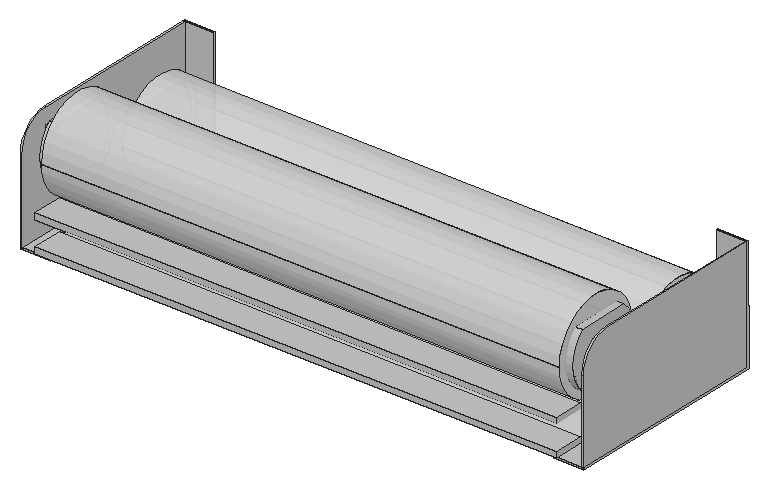
Revit family "Roller_Shades-Lutron-Dual_Wall_Mount-Roller_64", category Specialty Equipment, host Face, Revit 2017
Family settings
  Host = Face
  Round Connector Dimension = Use Diameter
  Part Type = Normal
  OmniClass Number = 23.30.60.14.21
  OmniClass Title = Shades
  Cut with Voids When Loaded = No
  Shared = No
  Room Calculation Point = No
Parameters (values of type "Roller 64 - Wall Mount")
  Warranty URL = "http://www.lutron.com/en-US/Service-Support/Pages/Service/Warranty/Warranty.aspx"
  Video Link = "https://www.youtube.com/user/LutronElectronicsInc"
  Version = "2017 - v1.0b"  # constant formula
  URL = "http://www.lutron.com"
  Type Comments = ""
  Support Phone = "(224) 699-9545"  # constant formula
  Support Email = "mailto: support@anguleris.com"
  Shade Width [instance] = 1' - 6"
  Shade Size Available [instance] = if(Actual Shade Height < Shade Height, "No, height exceeds 5:1 ratio limit, use larger roller", if(Shade Area < Maximum Shade Area, "Yes", "Shade Size Unavailable"))  # "Yes"
  Shade Material = Fabric - Lutron - Linen - White
  Shade Height [instance] = 0' - 7"
  Shade Area [instance] = Shade Width * Actual Shade Height  # 0.875 SF
  Series = "Sivoia QS"
  Right Drive [instance] = no
  Product Page URL = "http://www.lutron.com/en-US/Products/Pages/ShadingSystems/SivoiaQS/WindowTreatments/RollerShades/RollerShades.aspx"
  Product Name = "Roller 64 - Dual Motorized Roller Shades - Wall Mount"
  Product Documentation Link = "http://www.lutron.com/TechnicalDocumentLibrary/086102%20a.pdf"
  Pocket Mount Enclosure = Overall Depth = 0' 6"  # no
  Pocket Mount Bracket Offset = if(Overall Depth = 0' 6", 0' 0 33/256", 0' 0")  # 0' - 0"
  Performance URL = "http://www.lutron.com/en-US/Service-Support/Pages/Technical/PerfomanceSpecs.aspx"
  Overall Width [instance] = if(Shade Width < 1' 6 1/2", 1' 6 1/2", if(Shade Width > 8' 0", 8' 0", Shade Width))  # 1' - 6 1/2"
  Overall Height [instance] = if([3D Shade Height Visibility], Shade Height, 0' 7")  # 0' - 7"
  Overall Depth = 0' - 4 17/64"
  No Pocket = not(Pocket Mount Enclosure)  # yes
  Mounting = "Wall"
  Model = "Roller 64"
  Maximum Shade Area = 64.00 SF  # constant formula
  Manufacturer Phone Number = "610-282-3800"  # constant formula
  Manufacturer Fax Number = "610-282-1243"  # constant formula
  Manufacturer Email = "mailto:support@lutron.com"
  Manufacturer Address = "7200 Suter Rd, Coopersburg, PA 18036"  # constant formula
  Manufacturer = "Lutron Electronics Co., Inc"  # constant formula
  Lineal Requirements [instance] = ""
  Left Drive [instance] = no
  Keynote = ""
  Instruction Sheet Link = "http://www.lutron.com/TechnicalDocumentLibrary/045-184%20R64%20Dual%20Chassis%2011X17%2004_02.pdf"
  Fabric Roll Detail = "Standard"
  Fabric Options [instance] = ""
  Fabric Collection [instance] = ""
  Description = "Dual Motorized Roller Shades"
  Default Elevation = 0' - 0"
  Cost Info = "mailto:sales@lutron.com"
  Cost = 0
  Copyright = "© 2019 Lutron Electronics Co., Inc."  # constant formula
  Control Technology [instance] = ""
  Bottom Bar [instance] = ""
  Assembly Code = "E2010320"
  Actual Shade Height [instance] = if(Shade Height > Shade Width * 5, Shade Width * 5, Shade Height)  # 0' - 7"
  3D Shade Height Visibility [instance] = no
Types (2): name | Product Name | Pocket Mount Enclosure | Pocket Mount Bracket Offset | Overall Depth | No Pocket | Mounting | Default Elevation
  Roller 64 - Pocket Mount | "Roller 64 - Dual Motorized Roller Shades - Pocket Mount" | yes | 0' - 0 33/256" | 0' - 6" | no | "Pocket" | 9' - 0"
  Roller 64 - Wall Mount | "Roller 64 - Dual Motorized Roller Shades - Wall Mount" | no | 0' - 0" | 0' - 4 17/64" | yes | "Wall" | 0' - 0"
Reference planes (in)
  plane 1 "Center (Front/Back)": y = 0
  plane 2: z = 0
  plane 3 "Center (Left/Right)": x = 0
  plane 4: y = 3.375
  plane 5: y = -3.625
  plane 6: x = -9.25
  plane 7: x = 9.25
  plane 8: x = -8.5
  plane 9: x = 8.5
  plane 10: z = 2.764
  plane 11: z = 1.764
  plane 12: z = 4.264
  plane 13: z = 6
  plane 14: y = -1.9375
  plane 15: y = 1.43359
  plane 16: y = -2.625
  plane 17: z = 0
Forms (in)
  Extrusion 1, solid, material "Metal - Lutron", detail levels medium+fine
    sketch origin (9.25, 60, 48.12891) x (0, 1, 0) y (0, 0, -1)
      loop
        line (-63.375, 48.12891) -> (-63.375, 45.37891)
        arc (-63.375, 45.37891) -> (-63.08211, 44.6718) -> (-62.375, 44.37891) r 1
        line (-62.375, 44.37891) -> (-56.625, 44.37891) -> (-56.625, 48.12891) -> (-63.375, 48.12891)
    from 0 to 0.05859
  Extrusion 2, solid, material "Metal - Lutron", detail levels medium+fine
    sketch origin (0, 0, 0.12891) x (1, 0, 0) y (0, 1, 0)
      loop
        line (9.25, 3.375) -> (8.25, 3.375) -> (8.25, -3.375) -> (9.25, -3.375) -> (9.25, 3.375)
      loop
        line (-9.25, 3.375) -> (-9.25, -3.375) -> (-8.25, -3.375) -> (-8.25, 3.375) -> (-9.25, 3.375)
    from -0.12891 to -0.06891
  Extrusion 3, solid, material "Metal - Lutron", detail levels medium+fine
    sketch origin (-9.1875, 60, 48.12891) x (0, 1, 0) y (0, 0, 1)
      loop
        line (-63.375, -48.12891) -> (-56.625, -48.12891) -> (-56.625, -44.37891) -> (-62.375, -44.37891)
        arc (-62.375, -44.37891) -> (-63.08211, -44.6718) -> (-63.375, -45.37891) r 1
        line (-63.375, -45.37891) -> (-63.375, -48.12891)
    from -0.0625 to -0.00391
  Extrusion 4, solid, material "Metal - Lutron", detail levels medium+fine
    sketch origin (0, 5.25781, 0.12891) x (1, 0, 0) y (0, 0, 1)
      loop
        line (-8.25, -0.12891) -> (-8.25, 3.62109) -> (-9.25, 3.62109) -> (-9.25, -0.12891) -> (-8.25, -0.12891)
      loop
        line (8.25, -0.12891) -> (9.25, -0.12891) -> (9.25, 3.62109) -> (8.25, 3.62109) -> (8.25, -0.12891)
    from 1.88281 to 1.94141
  Extrusion 5, solid, material "Fabric - Lutron - Linen - White" <- "Shade Material"
    sketch origin (0, 1.43359, 0.12891) x (0, 1, 0) y (0, 0, 1)
      loop
        circle (0, 1.63509) r 1.5
    from -8.5 to 8.5
  Extrusion 6, solid, material "Metal - Lutron"
    sketch origin (0.0625, -0.33041, 1.89291) x (0, 0, -1) y (0, 1, 0)
      loop
        line (-0.79013, 2.61127) -> (-0.79013, 0.91673)
        arc (-0.79013, 0.91673) -> (0.12891, 0.514) -> (1.04794, 0.91673) r 1.25
        line (1.04794, 0.91673) -> (1.04794, 2.61127)
        arc (1.04794, 2.61127) -> (0.12891, 3.014) -> (-0.79013, 2.61127) r 1.25
    from 8.4375 to 8.6875
  Extrusion 7, solid, material "Metal - Lutron", detail levels medium+fine
    sketch origin (0, 1.43359, 0.12891) x (0, 1, 0) y (0, 0, 1)
      loop
        line (-0.5, 2.13509) -> (-0.5, 1.13509) -> (0.5, 1.13509) -> (0.5, 2.13509) -> (-0.5, 2.13509)
    from 8.75 to 9.19141
  Extrusion 8, solid, material "Metal - Lutron"
    sketch origin (0, -0.33041, 1.89291) x (0, 0, -1) y (0, -1, 0)
      loop
        arc (-0.79013, -2.61127) -> (0.12891, -3.014) -> (1.04794, -2.61127) r 1.25
        line (1.04794, -2.61127) -> (1.04794, -0.91673)
        arc (1.04794, -0.91673) -> (0.12891, -0.514) -> (-0.79013, -0.91673) r 1.25
        line (-0.79013, -0.91673) -> (-0.79013, -2.61127)
    from 8.5 to 8.75
  Extrusion 9, solid, material "Metal - Lutron", detail levels medium+fine
    sketch origin (0, 1.43359, 0.12891) x (0, 1, 0) y (0, 0, -1)
      loop
        line (-0.5, -2.13509) -> (0.5, -2.13509) -> (0.5, -1.13509) -> (-0.5, -1.13509) -> (-0.5, -2.13509)
    from 8.75 to 9.19141
  Extrusion 10, solid, material "Fabric - Lutron - Linen - White" <- "Shade Material"
    sketch origin (0, 1.43359, 0.39291) x (1, 0, 0) y (0, 1, 0)
      loop
        line (-8.5, 0) -> (-8.5, -4.05859) -> (8.5, -4.05859) -> (8.5, 0) -> (-8.5, 0)
    from -0.12891 to -0.06641
  Extrusion 11, solid, material "Metal - Lutron"
    sketch origin (0, 1.43359, -2.80859) x (0, 1, 0) y (0, 0, 1)
      loop
        line (-4.05859, 3.19759) -> (-5.05859, 3.19759) -> (-5.05859, 3.01009) -> (-4.05859, 3.01009) -> (-4.05859, 3.19759)
    from -8.5625 to 8.5625
  Extrusion 12, solid, material "Fabric - Lutron - Linen - White" <- "Shade Material"
    sketch origin (0, -1.9375, 1.12891) x (0, 1, 0) y (0, 0, 1)
      loop
        circle (0, 1.63509) r 1.5
    from -8.5 to 8.5
  Extrusion 13, solid, material "Metal - Lutron"
    sketch origin (0, -3.7015, 2.89291) x (0, 0, -1) y (0, 1, 0)
      loop
        line (-0.79013, 2.61127) -> (-0.79013, 0.91673)
        arc (-0.79013, 0.91673) -> (0.12891, 0.514) -> (1.04794, 0.91673) r 1.25
        line (1.04794, 0.91673) -> (1.04794, 2.61127)
        arc (1.04794, 2.61127) -> (0.12891, 3.014) -> (-0.79013, 2.61127) r 1.25
    from 8.5 to 8.75
  Extrusion 14, solid, material "Metal - Lutron", detail levels medium+fine
    sketch origin (0, -1.9375, 1.12891) x (0, 1, 0) y (0, 0, 1)
      loop
        line (-0.5, 2.13509) -> (-0.5, 1.13509) -> (0.5, 1.13509) -> (0.5, 2.13509) -> (-0.5, 2.13509)
    from 8.75 to 9.19141
  Extrusion 15, solid, material "Metal - Lutron"
    sketch origin (0, -3.7015, 2.89291) x (0, 0, -1) y (0, -1, 0)
      loop
        arc (-0.79013, -2.61127) -> (0.12891, -3.014) -> (1.04794, -2.61127) r 1.25
        line (1.04794, -2.61127) -> (1.04794, -0.91673)
        arc (1.04794, -0.91673) -> (0.12891, -0.514) -> (-0.79013, -0.91673) r 1.25
        line (-0.79013, -0.91673) -> (-0.79013, -2.61127)
    from 8.5 to 8.75
  Extrusion 16, solid, material "Metal - Lutron", detail levels medium+fine
    sketch origin (0, -1.9375, 1.12891) x (0, 1, 0) y (0, 0, -1)
      loop
        line (-0.5, -2.13509) -> (0.5, -2.13509) -> (0.5, -1.13509) -> (-0.5, -1.13509) -> (-0.5, -2.13509)
    from 8.75 to 9.19141
  Extrusion 17, solid, material "Fabric - Lutron - Linen - White" <- "Shade Material"
    sketch origin (0, -1.9375, 1.39291) x (1, 0, 0) y (0, 1, 0)
      loop
        line (-8.5, 0) -> (-8.5, -0.6875) -> (8.5, -0.6875) -> (8.5, 0) -> (-8.5, 0)
    from -0.12891 to -0.06641
  Extrusion 18, solid, material "Metal - Lutron"
    sketch origin (0, -1.9375, -1.80859) x (0, 1, 0) y (0, 0, 1)
      loop
        line (-0.6875, 3.19759) -> (-1.6875, 3.19759) -> (-1.6875, 3.01009) -> (-0.6875, 3.01009) -> (-0.6875, 3.19759)
    from -8.5625 to 8.5625
  Extrusion 19, solid, material "Metal - Lutron", visible <- "Pocket Mount Enclosure"
    sketch origin (0, 3.375, 3.73909) x (0, 0, -1) y (0, -1, 0)
      loop
        line (-2.26091, 7) -> (-2.26091, -0.05859) -> (3.73909, -0.05859) -> (3.73909, 7) -> (3.6805, 7) -> (3.6805, 0) -> (-2.20231, 0) -> (-2.20231, 7) -> (-2.26091, 7)
    from -9.25 to 9.25
  Extrusion 20, solid, material "Metal - Lutron", visible <- "Pocket Mount Enclosure"
    sketch origin (0, 3.375, 3.73909) x (1, 0, 0) y (0, 0, 1)
      loop
        line (-9.25, 2.26091) -> (-9.30859, 2.26091) -> (-9.30859, -3.73909) -> (-9.25, -3.73909) -> (-9.25, 2.26091)
      loop
        line (9.25, 2.26091) -> (9.25, -3.73909) -> (9.30859, -3.73909) -> (9.30859, 2.26091) -> (9.25, 2.26091)
    from 0 to 7
  Extrusion 21, solid, material "Metal - Lutron", visible <- "Pocket Mount Enclosure"
    sketch origin (0, 3.375, 6.0555) x (0, 0, -1) y (0, -1, 0)
      loop
        line (3.6805, 7) -> (0.11409, 7) -> (0.11409, 6.94141) -> (3.6805, 6.94141) -> (3.6805, 7)
    from -9.25 to 9.25
Cuts and joins
  joined: Extrusion 2, Extrusion 4
  joined: Extrusion 5, Extrusion 10
  joined: Extrusion 12, Extrusion 17
Lines and regions (in)
  Masking region 1, visible <- "No Pocket"
    outline origin (0, 1.43359, 1.39291) x (0, 0, -1) y (1, 0, 0)
      loop
        line (-1.87109, 9.25) -> (-1.87109, -9.25) -> (1.12891, -9.25) -> (1.12891, 9.25) -> (-1.87109, 9.25)
  Masking region 2, visible <- "Pocket Mount Enclosure"
    outline origin (0, -3.625, 5.94141) x (0, 0, -1) y (1, 0, 0)
      loop
        line (-0.05859, 9.25) -> (-0.05859, -9.25) -> (5.94141, -9.25) -> (5.94141, 9.25) -> (-0.05859, 9.25)
  symbolic lines
    curve 1: line (-8.5, -1.9375, 0.89291) -> (8.5, -1.9375, 0.89291)
    curve 2: line (-8.5, -1.9375, 1.39291) -> (8.5, -1.9375, 1.39291)
  symbolic lines, visible <- "No Pocket"
    curve 3: line (-8.5, -1.9375, 3.264) -> (-8.5, -1.9375, 4.264)
    curve 4: line (-8.5, -1.9375, 4.264) -> (8.5, -1.9375, 4.264)
    curve 5: line (8.5, -1.9375, 4.264) -> (8.5, -1.9375, 3.264)
Dimensions and locks (in)
  Extrusion 11 sketch curve to Extrusion 11 sketch curve to plane 17 = 0' - 0 3/16" locked, 0' - 0.2015" locked
  plane 11 to Extrusion 18 sketch curve to Extrusion 18 sketch curve = 0' - 0 3/8" locked, 0' - 0 3/16" locked
  locked: Extrusion 14 sketch curve to plane 14 at 0.5
  locked: plane 10 to Extrusion 14 sketch curve at 0.5
  locked: Extrusion 7 sketch curve to plane 15 at 0.5
  locked: plane 11 to Extrusion 7 sketch curve at 0.5
  locked: Extrusion 16 sketch curve to plane 14 at 0.5
  locked: plane 10 to Extrusion 16 sketch curve at 0.5
  Extrusion 6 sketch curve to plane 15 to Extrusion 6 sketch curve = 0' - 0.84727" locked, 0' - 0.84727" locked  (x2)
  Extrusion 6 sketch curve to plane 11 to Extrusion 6 sketch curve = 0' - 0.91904" locked, 0' - 0.91904" locked
  Extrusion 8 sketch curve to plane 15 to Extrusion 8 sketch curve = 0' - 0.84727" locked, 0' - 0.84727" locked  (x2)
  Extrusion 8 sketch curve to plane 11 to Extrusion 8 sketch curve = 0' - 0.91904" locked, 0' - 0.91904" locked
  Extrusion 15 sketch curve to plane 14 to Extrusion 15 sketch curve = 0' - 0.84727" locked, 0' - 0.84727" locked  (x2)
  Extrusion 15 sketch curve to plane 10 to Extrusion 15 sketch curve = 0' - 0.91904" locked, 0' - 0.91904" locked
  locked: Extrusion 9 sketch curve to plane 15 at 0.5
  locked: plane 11 to Extrusion 9 sketch curve at 0.5
  Extrusion 13 sketch curve to plane 14 to Extrusion 13 sketch curve = 0' - 0.84727" locked, 0' - 0.84727" locked  (x2)
  Extrusion 13 sketch curve to plane 10 to Extrusion 13 sketch curve = 0' - 0.91904" locked, 0' - 0.91904" locked
  equal spacing: plane 6, plane 3 "Center (Left/Right)", plane 7
  "Overall Width": plane 6 to plane 7
  locked: plane 6 to plane 8 at 0.75
  locked: plane 9 to plane 7 at 0.75
  "Pocket Mount Bracket Offset": plane 17 to plane 2
  plane 12 to plane 10 to plane 11 to plane 17 = 0' - 1 1/2" locked, 0' - 1" locked, 0' - 1.764" locked
  locked: plane 1 "Center (Front/Back)" to plane 4 at 3.375
  "Overall Height": plane 5 to plane 4
  plane 14 to plane 1 "Center (Front/Back)" to plane 15 = 0' - 1 15/16" locked, 0' - 1 111/256" locked
  locked: plane 5 to plane 16 at 1
  locked: plane 14 to Extrusion 12 sketch curve at 0
  locked: plane 10 to Extrusion 12 sketch curve at 0
  locked: plane 15 to Extrusion 5 sketch curve at 0
  locked: plane 11 to Extrusion 5 sketch curve at 0
  locked: plane 13 to plane 2 at 6
  locked: Extrusion 15 to plane 8 at 0.25
  locked: plane 6 to Extrusion 15 at 0.5
  locked: plane 9 to Extrusion 13 at 0.25
  locked: Extrusion 13 to plane 7 at 0.5
  locked: Extrusion 8 to plane 8 at 0.25
  locked: plane 6 to Extrusion 8 at 0.5
  locked: plane 9 to Extrusion 6 at 0.25
  locked: Extrusion 6 to plane 7 at 0.5
  locked: Extrusion 11 to plane 8 at 0.0625
  locked: plane 6 to Extrusion 11 at 0.6875
  locked: Extrusion 11 to plane 9 at 0.0625
  locked: plane 7 to Extrusion 11 at 0.6875
  locked: Extrusion 18 to plane 8 at 0.0625
  locked: plane 6 to Extrusion 18 at 0.6875
  locked: Extrusion 18 to plane 9 at 0.0625
  locked: plane 7 to Extrusion 18 at 0.6875
  Extrusion 1 sketch curve to Extrusion 1 sketch curve to plane 17 = 0' - 1" locked, 0' - 2 3/4" locked
  Extrusion 1 sketch curve to Extrusion 1 sketch curve to plane 4 = 0' - 1" locked, 0' - 5 3/4" locked
  locked: Extrusion 1 to plane 7 at 0.05859
  locked: plane 9 to Extrusion 1 at 0.69141
  locked: plane 6 to Extrusion 3 at 0.05859
  locked: Extrusion 3 to plane 8 at 0.69141
  locked: plane 6 to Extrusion 4 sketch curve at 1
  locked: plane 7 to Extrusion 4 sketch curve at 1
  locked: Extrusion 4 sketch curve to plane 17 at 3.75  (x2)
  locked: Extrusion 4 to plane 4 at 0.05859
  locked: plane 15 to Extrusion 4 at 1.88281
  Extrusion 3 sketch curve to Extrusion 3 sketch curve to plane 17 = 0' - 1" locked, 0' - 2 3/4" locked
  Extrusion 3 sketch curve to Extrusion 3 sketch curve to plane 4 = 0' - 1" locked, 0' - 5 3/4" locked
  locked: plane 11 to Extrusion 17 at 0.4375
  locked: Extrusion 17 to plane 17 at 1.264
  locked: Extrusion 17 to Extrusion 17 at 0.0625
  locked: Extrusion 10 to plane 17 at 0.264
  locked: plane 11 to Extrusion 10 at 1.4375
  locked: Extrusion 10 to Extrusion 10 at 0.0625
  Extrusion 21 sketch curve to Extrusion 21 sketch curve to plane 4 = 0' - 0 15/256" locked, 0' - 6 241/256" locked
  plane 13 to Extrusion 21 sketch curve to Extrusion 21 sketch curve = 0' - 0 15/256" locked, 0' - 3 145/256" locked
  locked: Extrusion 20 sketch curve to plane 7 at 0.05859
  locked: Extrusion 20 sketch curve to plane 6 at 0.05859
  locked: Extrusion 20 to plane 4 at 7
  locked: Extrusion 20 to plane 1 "Center (Front/Back)" at 3.625
  locked: Extrusion 19 sketch curve to plane 4 at 7  (x2)
  locked: plane 4 to Extrusion 19 sketch curve at 0.05859
  locked: plane 13 to Extrusion 19 sketch curve at 0.05859
  locked: Extrusion 19 sketch curve to plane 2 at 0.05859
  locked: Masking region 1 sketch curve to plane 11 at 1.5
  locked: plane 6 to Extrusion 2 sketch curve at 1
  locked: Extrusion 2 sketch curve to plane 7 at 1
  locked: Extrusion 2 sketch curve to plane 4 at 6.75  (x2)
  locked: cut or joined group of Extrusion 2, Extrusion 4 to plane 17 at 0.06
  locked: plane 11 to cut or joined group of Extrusion 2, Extrusion 4 at 1.704
  curve 2 to curve 1 to plane 2 = 0' - 0 1/2" locked, 0' - 0.89291" locked
  locked: plane 12 to curve 3 at 0
  locked: plane 12 to curve 3 at 1
  locked: plane 12 to curve 5 at 1
  locked: plane 15 to Extrusion 7 sketch curve at 0.5
  locked: Extrusion 7 sketch curve to plane 11 at 0.5
  locked: plane 14 to Extrusion 14 sketch curve at 0.5
  locked: Extrusion 14 sketch curve to plane 10 at 0.5
  locked: plane 14 to Extrusion 16 sketch curve at 0.5
  locked: Extrusion 16 sketch curve to plane 10 at 0.5
  locked: plane 15 to Extrusion 9 sketch curve at 0.5
  locked: Extrusion 9 sketch curve to plane 11 at 0.5
  radius of Extrusion 5 sketch curve = 0' - 1 1/2"
  radius of Extrusion 12 sketch curve = 0' - 1 1/2"
  radius of Extrusion 1 sketch curve = 0' - 1"
  radius of Extrusion 13 sketch curve = 0' - 1 1/4"  (x2)
  radius of Extrusion 6 sketch curve = 0' - 1 1/4"  (x2)
  radius of Extrusion 8 sketch curve = 0' - 1 1/4"  (x2)
  radius of Extrusion 15 sketch curve = 0' - 1 1/4"  (x2)
  radius of Extrusion 3 sketch curve = 0' - 1"
  aligned and locked: plane 2 to host face
  aligned and locked: level to host face
  aligned and locked: Extrusion 7 to Extrusion 6
  aligned and locked: Extrusion 9 to Extrusion 8
  aligned and locked: Extrusion 14 to Extrusion 13
  aligned and locked: Extrusion 16 to Extrusion 15
  aligned and locked: plane 8 to Extrusion 12
  aligned and locked: plane 9 to Extrusion 12
  aligned and locked: plane 8 to Extrusion 5
  aligned and locked: plane 9 to Extrusion 5
  aligned and locked: Extrusion 14 to Extrusion 1
  aligned and locked: Extrusion 7 to Extrusion 1
  aligned and locked: Extrusion 9 to Extrusion 3
  aligned and locked: Extrusion 16 to Extrusion 3
  aligned and locked: Extrusion 13 to plane 9
  aligned and locked: Extrusion 15 to plane 8
  aligned and locked: Extrusion 6 to plane 9
  aligned and locked: Extrusion 8 to plane 8
  aligned and locked: Extrusion 1 sketch curve to plane 4
  aligned and locked: Extrusion 1 sketch curve to plane 17
  aligned and locked: plane 7 to Extrusion 1
  aligned and locked: plane 7 to Extrusion 4 sketch curve
  aligned and locked: Extrusion 4 sketch curve to plane 17
  aligned and locked: plane 17 to Extrusion 4 sketch curve
  aligned and locked: Extrusion 4 sketch curve to plane 6
  aligned and locked: Extrusion 4 to plane 4
  aligned and locked: Extrusion 3 sketch curve to plane 4
  aligned and locked: Extrusion 3 sketch curve to plane 17
  aligned and locked: plane 6 to Extrusion 3
  aligned and locked: Extrusion 17 sketch curve to plane 8
  aligned and locked: Extrusion 17 sketch curve to plane 16
  aligned and locked: plane 14 to Extrusion 17 sketch curve
  aligned and locked: Extrusion 17 sketch curve to plane 9
  aligned and locked: Extrusion 10 sketch curve to plane 16
  aligned and locked: Extrusion 10 sketch curve to plane 8
  aligned and locked: plane 15 to Extrusion 10 sketch curve
  aligned and locked: Extrusion 10 sketch curve to plane 9
  aligned and locked: plane 5 to Extrusion 18 sketch curve
  aligned and locked: Extrusion 18 sketch curve to plane 16
  aligned and locked: plane 5 to Extrusion 11 sketch curve
  aligned and locked: Extrusion 11 sketch curve to plane 16
  aligned and locked: plane 7 to Extrusion 21
  aligned and locked: plane 6 to Extrusion 21
  aligned and locked: Extrusion 20 sketch curve to plane 7
  aligned and locked: plane 13 to Extrusion 20 sketch curve
  aligned and locked: Extrusion 20 sketch curve to plane 2
  aligned and locked: plane 6 to Extrusion 20 sketch curve
  aligned and locked: plane 2 to Extrusion 20 sketch curve
  aligned and locked: Extrusion 20 sketch curve to plane 13
  aligned: plane 5 to Extrusion 20
  aligned and locked: Extrusion 20 to plane 4
  aligned and locked: Extrusion 19 sketch curve to plane 13
  aligned and locked: plane 4 to Extrusion 19 sketch curve
  aligned and locked: plane 2 to Extrusion 19 sketch curve
  aligned and locked: plane 6 to Extrusion 19
  aligned and locked: plane 7 to Extrusion 19
  aligned and locked: Masking region 1 sketch curve to plane 7
  aligned and locked: plane 6 to Masking region 1 sketch curve
  aligned and locked: Masking region 2 sketch curve to plane 6
  aligned and locked: Masking region 2 sketch curve to plane 7
  aligned and locked: cut or joined group of Extrusion 2, Extrusion 4 to plane 17
  aligned and locked: plane 13 to Masking region 2 sketch curve
  aligned and locked: Masking region 2 sketch curve to plane 2
  aligned and locked: plane 8 to curve 1
  aligned and locked: plane 8 to curve 2
  aligned and locked: plane 9 to curve 1
  aligned and locked: plane 9 to curve 2
  aligned and locked: curve 3 to plane 8
  aligned and locked: plane 8 to curve 4
  aligned and locked: curve 5 to plane 9
  aligned and locked: plane 12 to curve 5
  aligned and locked: plane 7 to Extrusion 2 sketch curve
  aligned and locked: Extrusion 2 sketch curve to plane 6
  aligned and locked: plane 4 to Extrusion 2 sketch curve
  aligned and locked: Extrusion 2 sketch curve to plane 4
Automatic sketch dimensions
  host sketch curve to host sketch curve = 8' - 0"  (x2)
  plane 17 to Masking region 1 sketch curve = 0' - 0.264"
Connectors (in)
  electrical at (9.25, 1.10547, 1.27)
    settings: on cut or joined group of Extrusion 2, Extrusion 4, index 1, voltage 0 V, apparent load 0 VA, apparent load phase1 0 VA, apparent load phase2 0 VA, apparent load phase3 0 VA, power factor 1, load classification "Other", number of poles 1, system type 13, power factor state 1, is connector primary yes, connector utility no, sub classification motor no, connector description "Control Connection"
